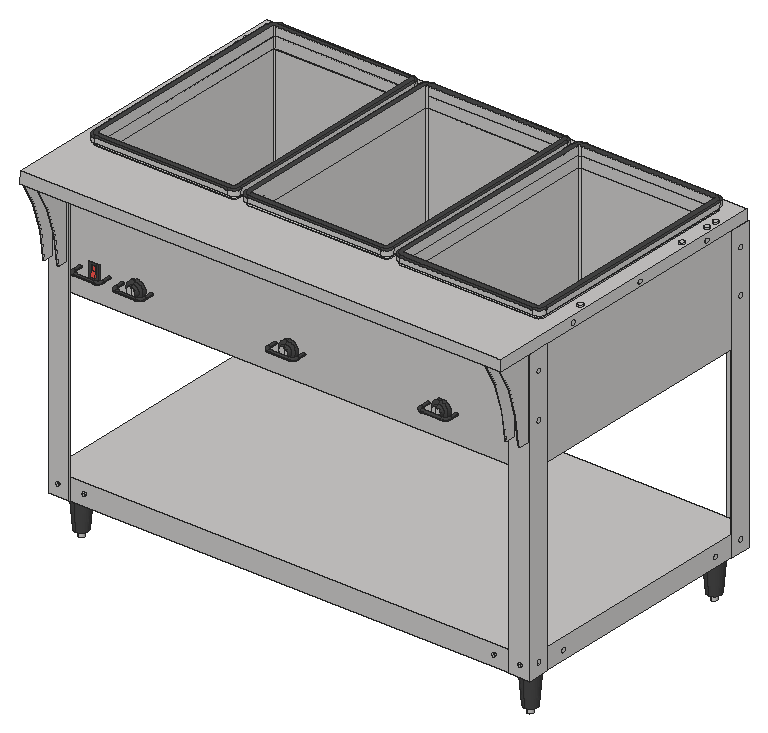
Revit family "QF_VOLLRATH_38217_SERVEWELL_SL_HOT_FOOD_TABLE", category Specialty Equipment, Revit 2022 (continued)
Definition of nested family "QF_VOLLRATH_38203"
  Automatic sketch dimensions
    Extrusion 25 sketch curve to Extrusion 25 sketch curve = 0.03954"
    Extrusion 25 sketch curve to Extrusion 25 sketch curve = 0.07808"
    Extrusion 25 sketch curve to Extrusion 25 sketch curve = 9/64"
    Extrusion 25 sketch curve to Extrusion 25 sketch curve = 0.29046"
    Extrusion 25 sketch curve to Extrusion 25 sketch curve = 0.10409"
    plane 11 to Extrusion 25 sketch curve = 13 225/256"
    Extrusion 25 sketch curve to Extrusion 25 sketch curve = 0.77431"
    Extrusion 25 sketch curve to Extrusion 25 sketch curve = 0.00199"
    Extrusion 25 sketch curve to Extrusion 25 sketch curve = 0.23749"
    Extrusion 25 sketch curve to Extrusion 25 sketch curve = 0"
    Extrusion 25 sketch curve to Extrusion 25 sketch curve = 0.25882"
    plane 12 to Extrusion 26 sketch curve = 6.80179"
    Extrusion 26 sketch curve to plane 6 "TOP" = 13.11387"
    Extrusion 27 sketch curve to plane 7 "Center Y" = 0.18117"
    Extrusion 27 sketch curve to plane 7 "Center Y" = 0.14163"
    Extrusion 27 sketch curve to plane 7 "Center Y" = 0.06355"
    plane 7 "Center Y" to Extrusion 27 sketch curve = 0.07708"
    plane 7 "Center Y" to Extrusion 27 sketch curve = 0.14883"
    plane 7 "Center Y" to Extrusion 27 sketch curve = 0.18117"
    plane 11 to Extrusion 27 sketch curve = 13 225/256"
    Extrusion 27 sketch curve to Extrusion 27 sketch curve = 0.77431"
    Extrusion 27 sketch curve to Extrusion 27 sketch curve = 0.00199"
    Extrusion 27 sketch curve to Extrusion 27 sketch curve = 0.23749"
    Extrusion 27 sketch curve to Extrusion 27 sketch curve = 0"
    Extrusion 27 sketch curve to Extrusion 27 sketch curve = 0.25882"
    plane 7 "Center Y" to Extrusion 28 sketch curve = 0.00088"
    Extrusion 28 sketch curve to plane 6 "TOP" = 13.11387"
    plane 4 "RIGHT" to Extrusion 29 sketch curve = 8.49367"
    Extrusion 29 sketch curve to Extrusion 29 sketch curve = 0.03954"
    Extrusion 29 sketch curve to Extrusion 29 sketch curve = 0.11762"
    Extrusion 29 sketch curve to Extrusion 29 sketch curve = 9/64"
    Extrusion 29 sketch curve to Extrusion 29 sketch curve = 0.29046"
    Extrusion 29 sketch curve to Extrusion 29 sketch curve = 0.10409"
    plane 11 to Extrusion 29 sketch curve = 13 225/256"
    Extrusion 29 sketch curve to Extrusion 29 sketch curve = 0.77431"
    Extrusion 29 sketch curve to Extrusion 29 sketch curve = 0.00199"
    Extrusion 29 sketch curve to Extrusion 29 sketch curve = 0.23749"
    Extrusion 29 sketch curve to Extrusion 29 sketch curve = 0"
    Extrusion 29 sketch curve to Extrusion 29 sketch curve = 0.25882"
    plane 4 "RIGHT" to Extrusion 30 sketch curve = 8.31162"
    Extrusion 30 sketch curve to plane 6 "TOP" = 13.11387"
    Extrusion 1 to Extrusion 31 sketch curve = 0.93013"  (x3)
    Extrusion 31 sketch curve to Extrusion 31 sketch curve = 2.99269"
    Extrusion 1 to Extrusion 31 sketch curve = 0.52024"  (x3)
    Extrusion 31 sketch curve to Extrusion 31 sketch curve = 4.0321"
    Extrusion 31 sketch curve to Extrusion 31 sketch curve = 8"  (x2)
    Extrusion 1 to Extrusion 31 sketch curve = 7.39159"
    Extrusion 1 to Extrusion 31 sketch curve = 4.40301"
    Extrusion 31 sketch curve to Extrusion 1 = 1.81291"
    Extrusion 31 sketch curve to Extrusion 31 sketch curve = 0"
    Extrusion 31 sketch curve to Extrusion 31 sketch curve = 2.98858"
    Extrusion 31 sketch curve to Extrusion 1 = 1.79886"
    Extrusion 31 sketch curve to Extrusion 31 sketch curve = 4.15231"
    Extrusion 31 sketch curve to Extrusion 31 sketch curve = 4 1/4"
    Extrusion 31 sketch curve to Extrusion 31 sketch curve = 20 3/4"
    Extrusion 31 sketch curve to Extrusion 31 sketch curve = 20.91394"
    Extrusion 31 sketch curve to Extrusion 31 sketch curve = 0.26147"
    Extrusion 31 sketch curve to Extrusion 31 sketch curve = 0.20927"
    plane 1 "BACK" to Extrusion 32 sketch curve = 0.93013"  (x3)
    plane 9 to Extrusion 32 sketch curve = 0.97789"  (x2)
    Extrusion 32 sketch curve to Extrusion 32 sketch curve = 2.99269"
    Extrusion 32 sketch curve to plane 6 "TOP" = 1.42378"  (x3)
    Extrusion 32 sketch curve to Extrusion 32 sketch curve = 4.0321"
    plane 8 "Center X" to Extrusion 32 sketch curve = 1.78778"
    plane 13 to Extrusion 32 sketch curve = 2.81572"
    plane 10 to Extrusion 32 sketch curve = 3.89159"
    plane 10 to Extrusion 32 sketch curve = 0.90301"  (x3)
    Extrusion 32 sketch curve to plane 11 = 0.81284"
    Extrusion 32 sketch curve to plane 11 = 0.76064"
    Extrusion 32 sketch curve to plane 6 "TOP" = 8.01064"
    Extrusion 32 sketch curve to Extrusion 32 sketch curve = 6.47512"
    Extrusion 32 sketch curve to plane 6 "TOP" = 3.76064"
    Extrusion 32 sketch curve to plane 6 "TOP" = 3.74659"
    Extrusion 33 sketch curve to Extrusion 3 = 0.93848"  (x3)
    Extrusion 33 sketch curve to Extrusion 3 = 1.43848"
    Extrusion 3 to Extrusion 33 sketch curve = 1.09351"  (x4)
    Extrusion 33 sketch curve to Extrusion 33 sketch curve = 39.24805"
    Extrusion 33 sketch curve to Extrusion 33 sketch curve = 2 1/2"
    Extrusion 3 to Extrusion 33 sketch curve = 6.04277"
    Extrusion 33 sketch curve to Extrusion 33 sketch curve = 0"  (x2)
    Extrusion 3 to Extrusion 33 sketch curve = 1.79277"  (x2)
    Extrusion 33 sketch curve to Extrusion 33 sketch curve = 4 1/4"
    Revolve 34 sketch curve to plane 9 = 0"
    Revolve 34 sketch curve to level = 0"
    plane 10 to Revolve 34 sketch curve = 1.00812"
    level to Revolve 34 sketch curve = 9/16"
    plane 10 to Revolve 34 sketch curve = 1.30886"
    Revolve 34 sketch curve to Revolve 34 sketch curve = 0.34739"
    Revolve 34 sketch curve to Revolve 34 sketch curve = 9/32"  (x2)
    Revolve 34 sketch curve to Revolve 34 sketch curve = 1/4"
    Revolve 34 sketch curve to Revolve 34 sketch curve = 1/16"
    Revolve 35 sketch curve to plane 9 = 0"
    Revolve 35 sketch curve to level = 0"
    plane 1 "BACK" to Revolve 35 sketch curve = 1.13312"
    level to Revolve 35 sketch curve = 9/16"
    plane 1 "BACK" to Revolve 35 sketch curve = 1.43386"
    Revolve 35 sketch curve to Revolve 35 sketch curve = 0.34739"
    Revolve 35 sketch curve to Revolve 35 sketch curve = 9/32"  (x2)
    Revolve 35 sketch curve to Revolve 35 sketch curve = 1/16"
    Revolve 35 sketch curve to Revolve 35 sketch curve = 1/4"
    Revolve 36 sketch curve to plane 9 = 0"
    Revolve 36 sketch curve to level = 0"
    plane 1 "BACK" to Revolve 36 sketch curve = 1.13312"
    level to Revolve 36 sketch curve = 9/16"
    plane 1 "BACK" to Revolve 36 sketch curve = 1.43386"
    Revolve 36 sketch curve to Revolve 36 sketch curve = 0.34739"
    Revolve 36 sketch curve to Revolve 36 sketch curve = 9/32"  (x2)
    Revolve 36 sketch curve to level = 1/4"
    Revolve 36 sketch curve to Revolve 36 sketch curve = 1/16"
    plane 13 to Blend 37 sketch curve = 0"
    plane 4 "RIGHT" to Blend 37 sketch curve = 5.93727"
    plane 4 "RIGHT" to Blend 37 sketch curve = 1.43727"
    plane 10 to Blend 37 sketch curve = 2.97336"
    plane 13 to Blend 37 sketch curve = 1/2"
    plane 4 "RIGHT" to Blend 37 sketch curve = 5.43727"
    plane 4 "RIGHT" to Blend 37 sketch curve = 1.93727"
    plane 10 to Blend 37 sketch curve = 3.47336"
    plane 13 to Blend 38 sketch curve = 0"
    plane 12 to Blend 38 sketch curve = 4.43727"
    Blend 38 sketch curve to plane 12 = 0.06273"
    plane 10 to Blend 38 sketch curve = 2.97336"
    plane 13 to Blend 38 sketch curve = 1/2"
    plane 12 to Blend 38 sketch curve = 3.93727"
    plane 12 to Blend 38 sketch curve = 0.43727"
    plane 10 to Blend 38 sketch curve = 3.47336"
    plane 4 "RIGHT" to Blend 39 sketch curve = 5.93727"
    plane 4 "RIGHT" to Blend 39 sketch curve = 1.43727"
    plane 8 "Center X" to Blend 39 sketch curve = 6.8801"
    plane 1 "BACK" to Blend 39 sketch curve = 2.98976"
    plane 4 "RIGHT" to Blend 39 sketch curve = 5.43727"
    plane 4 "RIGHT" to Blend 39 sketch curve = 1.93727"
    plane 1 "BACK" to Blend 39 sketch curve = 7.3699"
    plane 1 "BACK" to Blend 39 sketch curve = 3.48976"
    plane 12 to Blend 40 sketch curve = 4.43727"
    Blend 40 sketch curve to plane 12 = 0.06273"
    plane 1 "BACK" to Blend 40 sketch curve = 2.98976"
    Blend 40 sketch curve to Blend 40 sketch curve = 4.88014"
    plane 12 to Blend 40 sketch curve = 3.93727"
    plane 12 to Blend 40 sketch curve = 0.43727"
    plane 1 "BACK" to Blend 40 sketch curve = 3.48976"
    Blend 40 sketch curve to Blend 40 sketch curve = 3.88014"
    Extrusion 41 sketch curve to Extrusion 1 = 0.56824"  (x4)
    Extrusion 1 to Extrusion 41 sketch curve = 3.29839"
    Extrusion 1 to Extrusion 41 sketch curve = 5.60786"
    Extrusion 1 to Extrusion 41 sketch curve = 2.61197"
    Extrusion 41 sketch curve to Extrusion 41 sketch curve = 1.04512"
    Extrusion 42 sketch curve to Extrusion 1 = 0.56824"  (x4)
    Extrusion 1 to Extrusion 42 sketch curve = 1.56685"
    Extrusion 42 sketch curve to Extrusion 42 sketch curve = 1.04512"
    Extrusion 42 sketch curve to Extrusion 42 sketch curve = 2.99589"
    Extrusion 1 to Extrusion 42 sketch curve = 3.29839"
    plane 4 "RIGHT" to curve 68 = 0.56824"
    curve 67 to curve 57 = 1.4106"
    curve 67 to curve 67 = 1/4"
    plane 4 "RIGHT" to curve 69 = 0.56824"
    curve 69 to curve 67 = 1.04512"
    curve 69 to curve 69 = 1/4"
    plane 4 "RIGHT" to curve 71 = 0.56824"
    curve 71 to curve 69 = 2.99589"
    curve 71 to curve 71 = 1/4"
    curve 73 to curve 74 = 0"  (x2)
    plane 4 "RIGHT" to curve 74 = 0.56824"
    plane 13 to curve 73 = 1.10773"
    curve 73 to curve 73 = 1/4"
    Extrusion 24 sketch curve to Extrusion 24 sketch curve = 0"  (x6)
    radius of Sweep 14 sketch curve = 1/8"
    radius of Sweep 16 sketch curve = 1/8"
    radius of Sweep 18 sketch curve = 1/8"
    radius of Sweep 21 sketch curve = 1/8"
    radius of Split face 2 sketch curve = 0.16586"
    radius of Extrusion 22 sketch curve to Extrusion 2 = 0"  (x4)
    radius of Extrusion 22 sketch curve = 1/2"  (x3)
    radius of Extrusion 23 sketch curve = 1/2"
    radius of Extrusion 24 sketch curve = 1/2"  (x3)
    radius of Extrusion 26 sketch curve = 1/4"
    radius of Extrusion 28 sketch curve = 1/4"
    radius of Extrusion 30 sketch curve = 1/4"
    radius of Extrusion 31 sketch curve = 0.17669"  (x11)
    radius of Extrusion 32 sketch curve = 0.17669"  (x11)
    radius of Extrusion 33 sketch curve = 0.14866"  (x8)
    radius of Extrusion 41 sketch curve = 1/4"  (x4)
    radius of Extrusion 42 sketch curve = 1/4"  (x4)
    radius of Extrusion 24 sketch curve = 9/16"  (x3)
  Connectors (in)
    electrical at (4.37729, -23.99392, 21.75393)
      settings: on Extrusion 23, index 1, voltage 0 V, apparent load 0 VA, apparent load phase1 0 VA, apparent load phase2 0 VA, apparent load phase3 0 VA, power factor 1, load classification none, number of poles 1, system type 30, power factor state 1, is connector primary yes, connector utility no, sub classification motor no, connector description "ELECTRICAL CONNECTION"
